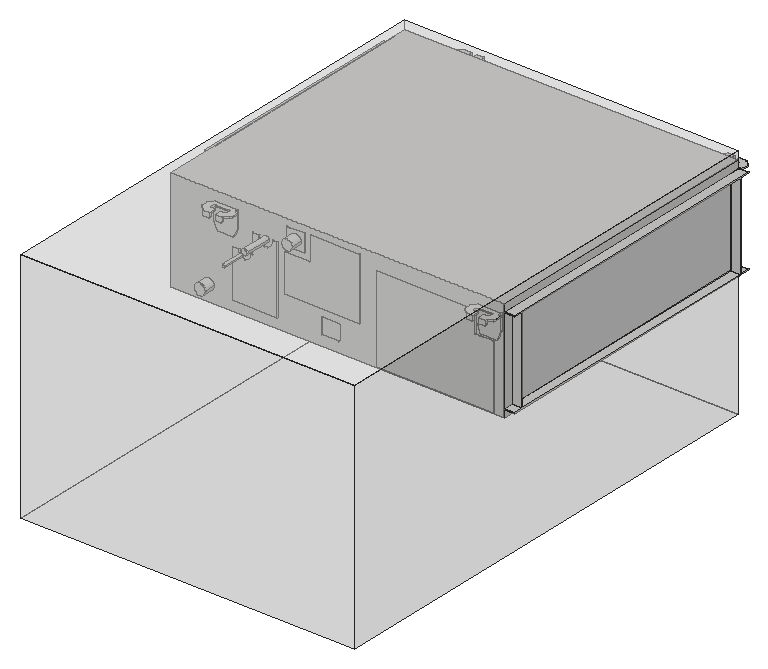
Revit family "outputfile", category 機械設備, Revit 2024
Family settings
  丸型コネクタ寸法 = 半径を使用
  パーツ タイプ = 標準
  OmniClass 番号 = 23.75.10.24.21.27.27
  OmniClass タイトル = Split System Air Conditioning Units
  作業面ベース = いいえ
  常に垂直 = はい
  ロード時にボイドで切り取り = いいえ
  注釈の向きを維持 = いいえ
  共有 = いいえ
  部屋計算ポイント = はい
Parameters (values of type "FXSA40AVM")
  製造元 = "Daikin"
  書き出し IFC クラス(タイプ) = "IfcUnitaryEquipmentType"
  定義済み IFC タイプ(タイプ) = "AIRCONDITIONINGUNIT"
  モデル = "FXSA40AVM"
  switch_frequency = yes
  r_Liquid Pipe Size = Liquid Pipe Size / 2  # 3.2 mm
  r_Gas Pipe Size = Gas Pipe Size / 2  # 6.35 mm
  r_Drain Pipe Size = Drain Pipe Size / 2  # 12.5 mm
  lw_power = 770.0 mm
  lh_SA = 138.0 mm
  lw_SA = if(Width = 550.0 mm, 225.0 mm, if(Width = 700.0 mm, 300.0 mm, if(Width = 1000.0 mm, 450.0 mm, if(Width = 1400.0 mm, 650.0 mm, 725.0 mm))))  # 300.0 mm
  lw_RA = if(Width = 550.0 mm, 275.0 mm, if(Width = 700.0 mm, 349.0 mm, if(Width = 1000.0 mm, 499.0 mm, if(Width = 1400.0 mm, 699.0 mm, 775.0 mm))))  # 349.0 mm
  lh_power = 60.0 mm + [h***]  # 60.0 mm
  lh_mountinghole1 = lh_mountinghole + [h***]  # 222.0 mm
  lh_RA = 123.0 mm
  ld_power = Width / 2  # 350.0 mm
  connector_voltage = Voltage_50Hz  # 220 V
  connector_powerinput = [Power Input (Cooling)]  # 0.101 kW
  connector_phase = Phase_50Hz  # 1
  Voltage_comment_60Hz = "220-230"
  Voltage_comment_50Hz = "220-240"
  Voltage_60Hz = 220 V
  Voltage_50Hz = 220 V
  Total Heating Capacity [instance] = 0.000 kW
  Supply Air Direction [instance] = yes
  Sound Power Level_H speed (dB) = 64
  Power Input (Heating) = 0.096 kW
  Phase_60Hz = 1
  Phase_50Hz = 1
  Nominal Heating Capacity = 5.000 kW
  Minimum External Static Pressure = 30.00 Pa
  Minimum Circuit Amps_60Hz = 1.5 A
  Minimum Circuit Amps_50Hz = 1.5 A
  Maximum Fuse Amps_60Hz = 16.0 A
  Maximum Fuse Amps_50Hz = 16.0 A
  Maximum External Static Pressure = 150.00 Pa
  Material_Casing = DAIKIN_GalvanizedSteel_Casing_indoorunit
  lw_mountinghole = 630.0 mm
  lh_gaspipe = 183.0 mm + [h***]  # 183.0 mm
  lh_mountinghole = 222.0 mm
  lh_liquidpipe = 136.0 mm + [h***]  # 136.0 mm
  lh_drainpipe = 207.0 mm + [h***]  # 207.0 mm
  lh_antena = Height - lh_mountinghole + 1.0 mm  # 24.0 mm
  ld_drainpipe = Width / 2 + 26.0 mm  # 376.0 mm
  ld_liquidpipe = 414.0 mm
  ld_gaspipe = Width / 2 + 65.0 mm  # 415.0 mm
  ld_mountinghole = Width + 38.0 mm  # 738.0 mm
  h*** = 0.0 mm
  lw_liquidpipe = 179.0 mm
  lw_gaspipe = 229.0 mm
  lw_drainpipe = 300.0 mm
  Width = 700.0 mm
  Version = "ver.1.0"
  Unit Type = "Duct_M.S.P."
  Unit Mass Weight = 27.00 kg
  Unit Designation [instance] = ""
  Uniclass2015Version = "Products v1.30"
  Uniclass2015Title = "Variable refrigerant flow units"
  Uniclass2015Code = "Pr_70_65_03_94"
  Total Cooling Capacity [instance] = 0.000 kW
  Sound Pressure Level_M speed (dBA) = 33
  Sound Pressure Level_L speed (dBA) = 30
  Sound Pressure Level_H speed (dBA) = 36
  Series = "VRV Fan Coil Unit"
  Sensible Cooling Capacity [instance] = 0.000 kW
  SA Duct Size Width = 492.0 mm
  SA Duct Size Height = 176.0 mm
  Refrigerant Type = "R32"
  RA Duct Size Width = 654.0 mm
  RA Duct Size Height = 208.0 mm
  Power Input (Cooling) = 0.101 kW
  Option Accessory 3 [instance] = ""
  Option Accessory 2 [instance] = ""
  Option Accessory 1 [instance] = ""
  Nominal Cooling Capacity = 4.500 kW
  Minimum Airflow = 630.00 m³/h
  Median Airflow = 750.00 m³/h
  Maximum Airflow = 900.00 m³/h
  Load Classification = HVAC
  Liquid Pipe Size = 6.4 mm
  Link_Nested Family [instance] = ""
  IfcVersion = ""
  IfcExportType = "AIRCONDITIONINGUNIT"
  IfcExportAs = "IfcUnitaryEquipmentType"
  Height = 245.0 mm
  Heating Entering Wet Bulb Temperature [instance] = -273.15 °C
  Heating Entering Dry Bulb Temperature [instance] = -273.15 °C
  Heating Ambient Wet Bulb Temperature [instance] = -273.15 °C
  Heating Ambient Dry Bulb Temperature [instance] = -273.15 °C
  Heat Exchanger Type = "Cross Fin Coil"
  Gas Pipe Size = 12.7 mm
  Frequency_60Hz = 60 Hz
  Frequency_50Hz = 50 Hz
  Fan Type = "Sirocco Fan"
  Fan Drive = "Direct Drive"
  FCU Tag No. [instance] = ""
  Drain Pipe Size = 25.0 mm
  Design Supply Airflow [instance] = 0.00 m³/h
  Design Return Airflow [instance] = 0.00 m³/h
  Design External Static Pressure [instance] = 0.00 Pa
  Depth = 800.0 mm
  既定の高さ = 0.0 mm
  Cooling Entering Wet Bulb Temperature [instance] = 0.00 °C
  Cooling Entering Dry Bulb Temperature [instance] = 0.00 °C
  Cooling Ambient Wet Bulb Temperature [instance] = 0.00 °C
  Cooling Ambient Dry Bulb Temperature [instance] = 0.00 °C
  Clearance visibility [instance] = yes
  Clearance Top = 20.0 mm
  Clearance Right = 0.0 mm
  Clearance Rear = 0.0 mm
  Clearance Left = 0.0 mm
  Clearance Front = 450.0 mm
  Clearance Bottom = 300.0 mm
Reference planes
  plane 1 "Center (Front/Back)": y = 0
  plane 2 "h": z = 0
  plane 3 "Center (Left/Right)": x = 0
  plane 4 "Back": y = 350
  plane 5 "Front": y = -350
  plane 6 "Left": x = -400
  plane 7 "Right": x = 400
  plane 8 "Top": z = 0
  plane 9 "Bottom": z = -245
  plane 10: y = -215
  plane 11: y = 350
  plane 12: y = -800
  plane 13: x = -400
  plane 14: x = 400
  plane 15: z = 20
  plane 16: z = -545
  plane 17: x = -400
  plane 18: x = -399
  plane 19: x = 399
  plane 20: y = 50
  plane 21: y = -1
  plane 22: z = -122
  plane 23: y = -351
  plane 24: z = -109
  plane 25: x = -221
  plane 26: y = -415
  plane 27: z = -62
  plane 28: x = -171
  plane 29: y = -376
  plane 30: z = -38
  plane 31: x = -100
  plane 32: x = -100
  plane 33: x = -221
  plane 34: x = -171
  plane 35: x = 370
  plane 36: x = -266
  plane 37: x = 364
  plane 38: y = -369
  plane 39: y = 369
  plane 40: z = -23
  plane 41: z = -107
  plane 42: y = -414
  plane 43: z = -207
  plane 44: x = -309
  plane 45: y = -376
  plane 46: x = -251
  plane 47: x = -203
  plane 48: x = -144
  plane 49: z = -59
  plane 50: z = -106
  plane 51: z = -221
  plane 52: z = -109
  plane 53: x = -221
  plane 54: z = -62
  plane 55: x = -171
  plane 56: z = -17
  plane 57: z = -59
  plane 58: x = -121
  plane 59: x = -79
  plane 60: x = -125
  plane 61: x = -64
  plane 62: x = 53
  plane 63: z = -164
  plane 64: z = -73
  plane 65: z = -16
  plane 66: x = 93.5
  plane 67: x = 374.5
  plane 68: x = 330
  plane 69: z = -88.5
  plane 70: z = -38
  plane 71: z = -242.5
  plane 72: x = -38.5
  plane 73: x = 6.5
  plane 74: z = -181
  plane 75: z = -221
  plane 76: y = -349
  plane 77: x = -424
  plane 78: x = 424
Forms (mm)
  Extrusion 1, solid, material "DAIKIN_GalvanizedSteel_Casing_indoorunit" <- "Material_Casing"
    sketch origin (0, 0, 0) x (1, 0, 0) y (0, 1, 0)
      loop
        line (-399, 350) -> (-399, -350) -> (399, -350) -> (399, 350) -> (-399, 350)
    from -245 to 0
  Extrusion 2, solid, material "DAIKIN_GalvanizedSteel_Casing_indoorunit" <- "Material_Casing"
    sketch origin (0, 0, 0) x (1, 0, 0) y (0, 0, 1)
      loop
        line (-251, -221) -> (-144, -221) -> (-144, -59) -> (-154.47, -59)
        arc (-154.47, -59) -> (-171, -78.8) -> (-187.53, -59) r 16.8
        line (-187.53, -59) -> (-203, -59) -> (-203, -106) -> (-206.916, -106)
        arc (-206.916, -106) -> (-221, -123.4) -> (-235.084, -106) r 14.4
        line (-235.084, -106) -> (-251, -106) -> (-251, -221)
    from 350 to 351
  Extrusion 3, solid, material "DAIKIN_GalvanizedSteel_Casing_indoorunit" <- "Material_Casing"
    sketch origin (0, 0, 0) x (1, 0, 0) y (0, 0, 1)
      loop
        line (-121, -17) -> (-121, -59) -> (-79, -59) -> (-79, -17) -> (-121, -17)
      loop
        line (-125, -73) -> (-125, -164) -> (53, -164) -> (53, -16) -> (-64, -16) -> (-64, -73) -> (-125, -73)
    from 350 to 351
  Extrusion 4, solid, material "DAIKIN_GalvanizedSteel_Casing_indoorunit" <- "Material_Casing"
    sketch origin (0, 0, 0) x (1, 0, 0) y (0, 0, 1)
      loop
        line (93.5, -38) -> (93.5, -242.5) -> (374.5, -242.5) -> (374.5, -88.5) -> (330, -88.5) -> (330, -38) -> (93.5, -38)
    from 350 to 351
  Extrusion 5, solid, material "DAIKIN_GalvanizedSteel_Casing_indoorunit" <- "Material_Casing"
    sketch origin (0, 0, 0) x (1, 0, 0) y (0, 0, 1)
      loop
        circle (-221, -109) r 3.2
    from 350 to 414
  Extrusion 6, solid, material "DAIKIN_GalvanizedSteel_Casing_indoorunit" <- "Material_Casing"
    sketch origin (0, 0, 0) x (1, 0, 0) y (0, 0, 1)
      loop
        circle (-171, -62) r 6.35
    from 350 to 415
  Extrusion 7, solid, material "DAIKIN_GalvanizedSteel_Casing_indoorunit" <- "Material_Casing"
    sketch origin (0, 0, 0) x (1, 0, 0) y (0, 0, 1)
      loop
        circle (-100, -38) r 12.5
    from 351 to 376
  Extrusion 8, solid, material "DAIKIN_GalvanizedSteel_Casing_indoorunit" <- "Material_Casing"
    sketch origin (0, 0, 0) x (1, 0, 0) y (0, 0, 1)
      loop
        circle (-309, -207) r 13
    from 350 to 376
  Extrusion 9, void
    sketch origin (0, 0, 0) x (1, 0, 0) y (0, 0, 1)
      loop
        line (-38.5, -181) -> (-38.5, -221) -> (6.5, -221) -> (6.5, -181) -> (-38.5, -181)
    from 349 to 350
Cuts and joins
  Extrusion 9 cuts Extrusion 1
Dimensions and locks
  "Height": plane 8 "Top" to plane 9 "Bottom"
  equal spacing: plane 4 "Back", plane 1 "Center (Front/Back)", plane 5 "Front"
  "Width": plane 4 "Back" to plane 5 "Front"
  equal spacing: plane 6 "Left", plane 3 "Center (Left/Right)", plane 7 "Right"
  "Depth": plane 6 "Left" to plane 7 "Right"
  "Clearance Left": plane 13 to plane 6 "Left"
  "Clearance Right": plane 7 "Right" to plane 14
  "Clearance Rear": plane 11 to plane 4 "Back"
  "Clearance Front": plane 5 "Front" to plane 12
  "Clearance Top": plane 15 to plane 8 "Top"
  "Clearance Bottom": plane 9 "Bottom" to plane 16
  locked: plane 17 to plane 18 at 1
  locked: plane 19 to plane 14 at 1
  "lw_SA": plane 11 to plane 20
  "lw_RA": plane 21 to plane 5 "Front"
  "lh_RA": plane 22 to plane 9 "Bottom"
  locked: plane 5 "Front" to plane 23 at 1
  "lw_liquidpipe": plane 25 to plane 6 "Left"
  "lh_liquidpipe": plane 24 to plane 9 "Bottom"
  "lh_gaspipe": plane 27 to plane 9 "Bottom"
  "lw_gaspipe": plane 28 to plane 6 "Left"
  "ld_gaspipe": plane 26 to plane 1 "Center (Front/Back)"
  "ld_drainpipe": plane 29 to plane 1 "Center (Front/Back)"
  "lh_drainpipe": plane 30 to plane 9 "Bottom"
  "lw_drainpipe": plane 31 to plane 6 "Left"
  "lw_drainpipe": plane 6 "Left" to plane 32
  "lw_liquidpipe": plane 6 "Left" to plane 33
  "lw_gaspipe": plane 6 "Left" to plane 34
  "lw_power": plane 6 "Left" to plane 35
  locked: plane 17 to plane 36 at 134
  "lw_mountinghole": plane 36 to plane 37
  equal spacing: plane 38, plane 1 "Center (Front/Back)", plane 39
  "ld_mountinghole": plane 39 to plane 38
  "lh_mountinghole": plane 40 to plane 9 "Bottom"
  "lh_SA": plane 41 to plane 9 "Bottom"
  locked: plane 44 to plane 6 "Left" at 91
  locked: plane 43 to plane 9 "Bottom" at 38
  plane 48 to plane 47 to plane 46 to plane 6 "Left" = 59.0 mm, 48.0 mm, 149.0 mm
  plane 8 "Top" to plane 49 to plane 50 to plane 51 = 59.0 mm locked, 47.0 mm locked, 115.0 mm locked
  plane 55 to plane 53 to plane 6 "Left" = 50.0 mm locked, 179.0 mm locked
  plane 54 to plane 52 to plane 9 "Bottom" = 47.0 mm locked, 136.0 mm locked
  plane 59 to plane 58 to plane 6 "Left" = 42.0 mm locked, 279.0 mm locked
  plane 8 "Top" to plane 56 to plane 57 = 17.0 mm locked, 42.0 mm locked
  plane 62 to plane 61 to plane 60 to plane 6 "Left" = 117.0 mm, 61.0 mm, 275.0 mm
  plane 8 "Top" to plane 65 to plane 64 = 16.0 mm locked, 57.0 mm locked
  locked: plane 65 to plane 63 at 148
  plane 8 "Top" to plane 70 to plane 69 to plane 71 = 38.0 mm locked, 50.5 mm locked, 154.0 mm locked
  plane 67 to plane 68 to plane 66 to plane 6 "Left" = 44.5 mm locked, 236.5 mm locked, 493.5 mm locked
  plane 8 "Top" to plane 74 to plane 75 = 181.0 mm locked, 40.0 mm locked
  plane 73 to plane 72 to plane 6 "Left" = 45.0 mm, 361.5 mm
  locked: plane 76 to plane 5 "Front" at 1
  locked: plane 77 to plane 17 at 24
  locked: plane 14 to plane 78 at 24
  "ld_liquidpipe": plane 42 to plane 1 "Center (Front/Back)"
  "r_Liquid Pipe Size": radius of Extrusion 5 sketch curve
  "r_Gas Pipe Size": radius of Extrusion 6 sketch curve
  "r_Drain Pipe Size": radius of Extrusion 7 sketch curve
  aligned and locked: level to plane 2 "h"
  aligned and locked: plane 8 "Top" to Extrusion 1
  aligned and locked: Extrusion 1 to plane 9 "Bottom"
  aligned and locked: nested 5 to plane 12
  aligned and locked: plane 13 to nested 5
  aligned and locked: plane 14 to nested 5
  aligned and locked: nested 5 to plane 13
  aligned and locked: plane 11 to nested 5
  aligned and locked: plane 15 to nested 5
  aligned and locked: plane 16 to nested 5
  aligned and locked: plane 5 "Front" to Extrusion 1 sketch curve
  aligned and locked: Extrusion 1 to plane 18
  aligned and locked: plane 19 to Extrusion 1
  aligned and locked: nested 7 to plane 18
  aligned and locked: nested 7 to plane 20
  aligned and locked: plane 19 to nested 8
  aligned and locked: plane 21 to nested 8
  aligned and locked: plane 22 to nested 8
  aligned and locked: Extrusion 2 to plane 23
  aligned and locked: plane 5 "Front" to Extrusion 2
  aligned and locked: Extrusion 3 to plane 23
  aligned and locked: plane 5 "Front" to Extrusion 3
  aligned and locked: plane 5 "Front" to Extrusion 4
  aligned and locked: Extrusion 5 sketch curve to plane 25
  aligned and locked: plane 24 to Extrusion 5 sketch curve
  aligned and locked: plane 5 "Front" to Extrusion 5
  aligned and locked: Extrusion 6 sketch curve to plane 28
  aligned and locked: plane 27 to Extrusion 6 sketch curve
  aligned and locked: plane 5 "Front" to Extrusion 6
  aligned and locked: Extrusion 7 sketch curve to plane 31
  aligned and locked: Extrusion 7 sketch curve to plane 30
  aligned and locked: Extrusion 7 to plane 29
  aligned and locked: plane 23 to Extrusion 7
  aligned and locked: nested 3 to plane 29
  aligned and locked: plane 32 to nested 3
  aligned and locked: nested 2 to plane 33
  aligned and locked: nested 1 to plane 34
  aligned and locked: Extrusion 6 to plane 26
  aligned and locked: nested 1 to plane 26
  aligned and locked: nested 6 to plane 5 "Front"
  aligned and locked: nested 6 to plane 35
  aligned and locked: plane 36 to nested 10
  aligned and locked: nested 10 to plane 5 "Front"
  aligned and locked: plane 37 to nested 9
  aligned and locked: nested 9 to plane 5 "Front"
  aligned and locked: nested 11 to plane 36
  aligned and locked: plane 4 "Back" to nested 11
  aligned and locked: nested 12 to plane 37
  aligned and locked: plane 4 "Back" to nested 12
  aligned and locked: plane 40 to nested 10
  aligned and locked: plane 40 to nested 11
  aligned and locked: plane 40 to nested 9
  aligned and locked: plane 40 to nested 12
  aligned and locked: plane 36 to nested 14
  aligned and locked: nested 14 to plane 39
  aligned and locked: plane 37 to nested 13
  aligned and locked: nested 13 to plane 39
  aligned and locked: plane 37 to nested 16
  aligned and locked: plane 38 to nested 16
  aligned and locked: plane 38 to nested 15
  aligned and locked: plane 36 to nested 15
  aligned and locked: plane 17 to plane 6 "Left"
  aligned and locked: plane 41 to nested 7
  aligned and locked: Extrusion 5 to plane 42
  aligned and locked: nested 2 to plane 42
  aligned and locked: Extrusion 8 sketch curve to plane 44
  aligned and locked: plane 43 to Extrusion 8 sketch curve
  aligned and locked: plane 5 "Front" to Extrusion 8
  aligned and locked: Extrusion 3 sketch curve to plane 56
  aligned and locked: Extrusion 3 sketch curve to plane 58
  aligned and locked: plane 57 to Extrusion 3 sketch curve
  aligned and locked: plane 59 to Extrusion 3 sketch curve
  aligned and locked: Extrusion 4 to plane 23
  aligned and locked: Extrusion 9 sketch curve to plane 74
  aligned and locked: plane 75 to Extrusion 9 sketch curve
  aligned and locked: plane 73 to Extrusion 9 sketch curve
  aligned and locked: plane 5 "Front" to Extrusion 9
  aligned and locked: plane 76 to Extrusion 9
  aligned and locked: nested 17 to plane 20
  aligned and locked: nested 17 to plane 77
  aligned and locked: plane 21 to nested 18
  aligned and locked: plane 78 to nested 18
  aligned and locked: plane 41 to nested 17
  aligned and locked: nested 18 to plane 22
  aligned and locked: nested 4 to plane 3 "Center (Left/Right)"
  aligned and locked: plane 1 "Center (Front/Back)" to nested 4
  aligned and locked: level to plane 8 "Top"
  aligned and locked: Extrusion 8 to plane 29
Automatic sketch dimensions
  plane 6 "Left" to Extrusion 1 sketch curve = 1.0 mm
  Extrusion 1 sketch curve to plane 7 "Right" = 1.0 mm
  Extrusion 1 sketch curve to plane 4 "Back" = 0.0 mm
  Extrusion 2 sketch curve to plane 46 = 0.0 mm
  Extrusion 2 sketch curve to plane 33 = 0.0 mm
  Extrusion 2 sketch curve to plane 47 = 0.0 mm
  Extrusion 2 sketch curve to plane 34 = 0.0 mm
  Extrusion 2 sketch curve to plane 48 = 0.0 mm
  Extrusion 2 sketch curve to plane 51 = 0.0 mm
  Extrusion 2 sketch curve to plane 52 = 0.0 mm
  Extrusion 2 sketch curve to plane 50 = 0.0 mm  (x3)
  Extrusion 2 sketch curve to plane 54 = 0.0 mm
  Extrusion 2 sketch curve to plane 49 = 0.0 mm  (x3)
  plane 33 to Extrusion 2 sketch curve = 14.084 mm
  plane 34 to Extrusion 2 sketch curve = 16.53 mm
  Extrusion 3 sketch curve to plane 60 = 0.0 mm
  Extrusion 3 sketch curve to plane 61 = 0.0 mm
  Extrusion 3 sketch curve to plane 62 = 0.0 mm
  Extrusion 3 sketch curve to plane 63 = 0.0 mm
  Extrusion 3 sketch curve to plane 64 = 0.0 mm
  Extrusion 3 sketch curve to plane 65 = 0.0 mm
  Extrusion 4 sketch curve to plane 66 = 0.0 mm
  Extrusion 4 sketch curve to plane 68 = 0.0 mm
  Extrusion 4 sketch curve to plane 67 = 0.0 mm
  Extrusion 4 sketch curve to plane 71 = 0.0 mm
  Extrusion 4 sketch curve to plane 69 = 0.0 mm
  Extrusion 4 sketch curve to plane 70 = 0.0 mm
  Extrusion 9 sketch curve to plane 72 = 0.0 mm
  radius of Extrusion 8 sketch curve = 13.0 mm
Nested families
  nested 1: "daikin_connector_rotate2" at (-171, 0, -62), length <- "ld_gaspipe", built-in parameter 1001364 <- "lh_gaspipe", radius <- "r_Gas Pipe Size", type "daikin_connector_rotate2"
    with radius 6.35 mm, length 415.0 mm, angle_vertical 90.00°
  nested 2: "daikin_connector_rotate2" at (-221, 0, -109), length <- "ld_liquidpipe", built-in parameter 1001364 <- "lh_liquidpipe", radius <- "r_Liquid Pipe Size", type "daikin_connector_rotate2"
    with radius 3.2 mm, length 414.0 mm, angle_vertical 90.00°
  nested 3: "daikin_connector_rotate2" at (-100, 0, -38), length <- "ld_drainpipe", built-in parameter 1001364 <- "lh_drainpipe", radius <- "r_Drain Pipe Size", type "daikin_connector_rotate2"
    with radius 12.5 mm, length 376.0 mm, angle_vertical 90.00°
  nested 4: "daikin_△_symbolicline" at (0, 0, 245) x (0, -1, 0) z (0, 0, 1), built-in parameter 1001364 <- "Height", visible <- "Supply Air Direction", type "daikin_△_symbolicline"
    with length 200.0 mm
  nested 5: "daikin_clearancespace" at (0, -225, -262.381), visible <- "Clearance visibility", show <- "Clearance visibility", Link_Nested Family <- "Link_Nested Family", type "daikin_clearancespace"
    with width 800.0 mm, show yes, height 565.0 mm, depth 1150.0 mm, Link_Nested Family ""
  nested 6: "daikin_connector_rotate2" at (370, 0, -185), built-in parameter 1001364 <- "lh_power", length <- "ld_power", type "daikin_connector_rotate2"
    with radius 10.0 mm, length 350.0 mm, angle_vertical 90.00°
  nested 7: "daikin_ductflange_FXSA-AVM2" at (-399, 50, -107) x (0, -1, 0) z (0, 0, 1), type "daikin_ductflange_FXSA-AVM2"
  nested 8: "daikin_ductflange_FXSA-AVM" at (399, -1, -122) x (0, 1, 0) z (0, 0, 1), type "daikin_ductflange_FXSA-AVM"
  nested 9: "FXFSA-AVM" at (364, -350, -23), type "daikin_hangerfixture_FXFSA-AVM"
  nested 10: "FXFSA-AVM" at (-266, -350, -23), type "daikin_hangerfixture_FXFSA-AVM"
  nested 11: "FXFSA-AVM" at (-266, 350, -23) x (-1, 0, 0) z (0, 0, 1), type "daikin_hangerfixture_FXFSA-AVM"
  nested 12: "FXFSA-AVM" at (364, 350, -23) x (-1, 0, 0) z (0, 0, 1), type "daikin_hangerfixture_FXFSA-AVM"
  nested 13: "daikin_mountinghole" at (364, 369, -245), h_mountinghole <- "lh_mountinghole1", l_antenna <- "lh_antena", Link_Nested Family <- "Link_Nested Family", type "daikin_mountinghole"
    with show yes, l_antenna 24.0 mm, h_mountinghole 222.0 mm, Link_Nested Family ""
  nested 14: "daikin_mountinghole" at (-266, 369, -245), h_mountinghole <- "lh_mountinghole1", l_antenna <- "lh_antena", Link_Nested Family <- "Link_Nested Family", type "daikin_mountinghole"
    with show yes, l_antenna 24.0 mm, h_mountinghole 222.0 mm, Link_Nested Family ""
  nested 15: "daikin_mountinghole" at (-266, -369, -245), h_mountinghole <- "lh_mountinghole1", l_antenna <- "lh_antena", Link_Nested Family <- "Link_Nested Family", type "daikin_mountinghole"
    with show yes, l_antenna 24.0 mm, h_mountinghole 222.0 mm, Link_Nested Family ""
  nested 16: "daikin_mountinghole" at (364, -369, -245), h_mountinghole <- "lh_mountinghole1", l_antenna <- "lh_antena", Link_Nested Family <- "Link_Nested Family", type "daikin_mountinghole"
    with show yes, l_antenna 24.0 mm, h_mountinghole 222.0 mm, Link_Nested Family ""
  nested 17: "daikin_connector_rotate2" at (-400, 50, -107) x (0, -1, 0) z (0, 0, 1), type "daikin_connector_rotate2"
    with radius 10.0 mm, length 24.0 mm, angle_vertical 90.00°
  nested 18: "daikin_connector_rotate2" at (400, -1, -122) x (0, 1, 0) z (0, 0, 1), type "daikin_connector_rotate2"
    with radius 10.0 mm, length 24.0 mm, angle_vertical 90.00°
Connectors
  piping at (-100, -376, -38), diameter 25, driven by "r_Drain Pipe Size"
    settings: on nested 3, index 3, connector inside diameter 609.6 mm, connector length 0.0 mm, flow factor 0, pipe flow 0.00 m³/h, pressure drop 0.0 Pa, fitting loss kfactor 0, connector angle 0.00°, fixture units 0, engagement length 0.0 mm, angle of deflection 0.00°, flow configuration 1, flow direction 2, fitting loss method 4, system type 16, joint type 0, gender type 0, connector reference index -1, connector utility 0, adjustable connector no, is connector primary yes, connector description "Condensate Drain Piping"
  piping at (-171, -415, -62), diameter 12.7, driven by "r_Gas Pipe Size"
    settings: on nested 1, index 4, connector inside diameter 609.6 mm, connector length 0.0 mm, flow factor 0, pipe flow 0.00 m³/h, pressure drop 0.0 Pa, fitting loss kfactor 0, connector angle 0.00°, fixture units 0, engagement length 0.0 mm, angle of deflection 0.00°, flow configuration 1, flow direction 2, fitting loss method 0, system type 29, joint type 0, gender type 0, connector reference index -1, connector utility 0, adjustable connector no, is connector primary no, connector description "Refrigerant Gas Piping"
  piping at (-221, -414, -109), diameter 6.4, driven by "r_Liquid Pipe Size"
    settings: on nested 2, index 5, connector inside diameter 609.6 mm, connector length 0.0 mm, flow factor 0, pipe flow 0.00 m³/h, pressure drop 0.0 Pa, fitting loss kfactor 0, connector angle 0.00°, fixture units 0, engagement length 0.0 mm, angle of deflection 0.00°, flow configuration 1, flow direction 1, fitting loss method 0, system type 29, joint type 0, gender type 0, connector reference index -1, connector utility 0, adjustable connector no, is connector primary no, connector description "Refrigerant Liquid Piping"
  electrical at (370, -350, -185), driven by "Load Classification", driven by "connector_voltage", driven by "connector_phase", driven by "connector_powerinput"
    settings: on nested 6, index 6, voltage 220 V, apparent load 101 VA, apparent load phase1 0 VA, apparent load phase2 0 VA, apparent load phase3 0 VA, power factor 1, load classification "HVAC", number of poles 1, system type 30, power factor state 1, is connector primary yes, connector utility no, sub classification motor no, connector description "Power Supply"
  hvac at (-424, 50, -107), driven by "SA Duct Size Height", driven by "SA Duct Size Width"
    settings: on nested 17, index 7, duct flow 0.00 m³/h, flow factor 0, pres drop 0.00 Pa, loss coef 0, conn angle 0.00°, conn width 492.0 mm, conn height 176.0 mm, conn diameter 609.6 mm, duct sys type 1, conn prof type 1, flow config 0, flow direction 2, loss method 4, conn ref index -1, conn util no, is conn primary yes, conn desc "SA Duct"
  hvac at (424, -1, -122), driven by "RA Duct Size Height", driven by "RA Duct Size Width"
    settings: on nested 18, index 8, duct flow 0.00 m³/h, flow factor 0, pres drop 0.00 Pa, loss coef 0, conn angle 0.00°, conn width 654.0 mm, conn height 208.0 mm, conn diameter 609.6 mm, duct sys type 2, conn prof type 1, flow config 0, flow direction 1, loss method 4, conn ref index -1, conn util no, is conn primary no, conn desc "RA Duct"
Definition of nested family "daikin_clearancespace"
  Parameters (values of type "daikin_clearancespace")
    Description = "daikin_clearancespace"
    width [instance] = 1823.963 mm
    show [instance] = yes
    material = none
    height [instance] = 1359.762 mm
    depth [instance] = 880.0 mm
    Default Elevation = 0.0 mm
    Link_Nested Family [instance] = ""
  Reference planes
    plane 1 "Center (Front/Back)": y = 0
    plane 2 "Center (Elevation)": z = -0.119
    plane 3 "Center (Left/Right)": x = 0
    plane 4: y = 440
    plane 5: y = -440
    plane 6 "Right": x = 911.982
    plane 7 "Left": x = -911.982
    plane 8 "Top": z = 679.762
    plane 9 "Bottom": z = -680
  Forms (mm)
    Extrusion 1, solid, material <- "material", visible <- "show"
      sketch origin (0, 0, 0) x (1, 0, 0) y (0, 1, 0)
        loop
          line (-911.982, 440) -> (-911.982, -440) -> (911.982, -440) -> (911.982, 440) -> (-911.982, 440)
      from -680 to 679.762
  Lines and regions (mm)
    symbolic lines, visible <- "show"
      curve 1: line (911.982, 440, 0) -> (-911.982, 440, 0)
      curve 2: line (-911.982, 440, 0) -> (-911.982, -440, 0)
      curve 3: line (-911.982, -440, 0) -> (911.982, -440, 0)
      curve 4: line (911.982, -440, 0) -> (911.982, 440, 0)
      curve 5: line (911.982, 0, 679.762) -> (-911.982, 0, 679.762)
      curve 6: line (911.982, 0, -680) -> (911.982, 0, 679.762)
      curve 7: line (-911.982, 0, -680) -> (911.982, 0, -680)
      curve 8: line (-911.982, 0, 679.762) -> (-911.982, 0, -680)
      curve 9: line (0, 440, 679.762) -> (0, -440, 679.762)
      curve 10: line (0, -440, 679.762) -> (0, -440, -680)
      curve 11: line (0, 440, -680) -> (0, 440, 679.762)
      curve 12: line (0, -440, -680) -> (0, 440, -680)
  Dimensions and locks
    "width": plane 7 "Left" to plane 6 "Right"
    "depth": plane 4 to plane 5
    "height": plane 8 "Top" to plane 9 "Bottom"
    equal spacing: plane 7 "Left", plane 3 "Center (Left/Right)", plane 6 "Right"
    equal spacing: plane 4, plane 1 "Center (Front/Back)", plane 5
    equal spacing: plane 8 "Top", plane 2 "Center (Elevation)", plane 9 "Bottom"
    aligned and locked: level to plane 2 "Center (Elevation)"
    aligned and locked: Extrusion 1 sketch curve to plane 4
    aligned and locked: plane 7 "Left" to Extrusion 1 sketch curve
    aligned and locked: Extrusion 1 sketch curve to plane 5
    aligned and locked: Extrusion 1 sketch curve to plane 6 "Right"
    aligned and locked: plane 8 "Top" to Extrusion 1
    aligned and locked: curve 1 to Extrusion 1
    aligned and locked: curve 2 to Extrusion 1
    aligned and locked: curve 3 to Extrusion 1
    aligned and locked: curve 4 to Extrusion 1
    aligned and locked: curve 5 to Extrusion 1
    aligned and locked: curve 6 to Extrusion 1
    aligned and locked: curve 7 to Extrusion 1
    aligned and locked: curve 8 to Extrusion 1
    aligned and locked: curve 9 to Extrusion 1
    aligned and locked: curve 10 to Extrusion 1
    aligned and locked: curve 11 to Extrusion 1
    aligned and locked: curve 12 to Extrusion 1
    aligned and locked: Extrusion 1 to plane 9 "Bottom"
Definition of nested family "daikin_ductflange_FXSA-AVM2"
  Parameters (values of type "daikin_ductflange_FBA-BVMA2")
    width = if(w = 550.0 mm, 337.0 mm, if(w = 700.0 mm, 492.0 mm, if(w = 1000.0 mm, 792.0 mm, if(w = 1400.0 mm, 1192.0 mm, 1337.0 mm))))  # 492.0 mm
    w1 = if(w = 550.0 mm, 24.0 mm, if(w = 700.0 mm, 21.5 mm, if(w = 1000.0 mm, 21.5 mm, if(w = 1400.0 mm, 21.5 mm, 24.0 mm))))  # 21.5 mm
    material = none
    height = 215.0 mm
    depth = 1.0 mm
    w = 700.0 mm
    Default Elevation = 0.0 mm
  Reference planes
    plane 1 "Center (Front/Back)": y = 0
    plane 2: z = 0
    plane 3 "Center (Left/Right)": x = 0
    plane 4: z = 88
    plane 5: z = -88
    plane 6: y = -25
    plane 7: z = 106
    plane 8: z = 89
    plane 9: y = -1
    plane 10: x = -267.5
    plane 11: x = 267.5
    plane 12: z = -106
    plane 13: z = -89
    plane 14: y = -1
    plane 15: x = 246
    plane 16: x = -246
    plane 17: x = 247
    plane 18: z = 87
    plane 19: z = -87
    plane 20: x = -247
    plane 21: z = 87
    plane 22: z = -87
    plane 23: y = -1
  Forms (mm)
    Extrusion 1, solid, material <- "material"
      sketch origin (0, 0, 0) x (0, 1, 0) y (0, 0, 1)
        loop
          line (-25, 88) -> (0, 88) -> (0, 106) -> (-1, 106) -> (-1, 89) -> (-25, 89) -> (-25, 88)
      from -267.5 to 267.5
    Extrusion 2, solid, material <- "material"
      sketch origin (0, 0, 0) x (0, 1, 0) y (0, 0, 1)
        loop
          line (-25, -88) -> (-25, -89) -> (-1, -89) -> (-1, -106) -> (0, -106) -> (0, -88) -> (-25, -88)
      from -267.5 to 267.5
    Extrusion 3, solid, material <- "material"
      sketch origin (0, 0, 0) x (1, 0, 0) y (0, 0, 1)
        loop
          line (246, 88) -> (246, -88) -> (267.5, -88) -> (267.5, -87) -> (247, -87) -> (247, 87) -> (267.5, 87) -> (267.5, 88) -> (246, 88)
      from 0 to 25
    Extrusion 4, solid, material <- "material"
      sketch origin (0, 0, 0) x (1, 0, 0) y (0, 0, 1)
        loop
          line (-267.5, 88) -> (-267.5, 87) -> (-247, 87) -> (-247, -87) -> (-267.5, -87) -> (-267.5, -88) -> (-246, -88) -> (-246, 88) -> (-267.5, 88)
      from 0 to 25
    Extrusion 5, solid, material <- "material"
      sketch origin (0, 0, 0) x (1, 0, 0) y (0, 0, 1)
        loop
          line (-267.5, 88) -> (-267.5, -88) -> (-246, -88) -> (-246, 88) -> (-267.5, 88)
        loop
          line (267.5, 88) -> (246, 88) -> (246, -88) -> (267.5, -88) -> (267.5, 88)
      from 0 to 1
  Cuts and joins
    joined: Extrusion 1, Extrusion 2, Extrusion 3, Extrusion 4, Extrusion 5
  Dimensions and locks
    plane 4 to level to plane 5 = 88.0 mm, 88.0 mm
    locked: plane 6 to plane 1 "Center (Front/Back)" at 25
    locked: plane 9 to plane 1 "Center (Front/Back)" at 1
    locked: plane 8 to plane 4 at 1
    "w1": plane 16 to plane 10
    locked: plane 17 to plane 15 at 1
    locked: plane 4 to plane 18 at 1
    locked: plane 19 to plane 5 at 1
    "width": plane 15 to plane 16
    plane 4 to plane 5 = 176.0 mm
    locked: plane 16 to plane 20 at 1
    locked: plane 4 to plane 21 at 1
    locked: plane 22 to plane 5 at 1
    locked: plane 23 to plane 1 "Center (Front/Back)" at 1
    plane 4 to level to plane 5 = 88.0 mm locked, 88.0 mm locked
    locked: plane 5 to plane 13 at 1
    locked: plane 5 to plane 12 at 18
    locked: plane 7 to plane 4 at 18
    equal spacing: plane 15, plane 3 "Center (Left/Right)", plane 16
    "w1": plane 11 to plane 15
    plane 11 to plane 10 = 535.0 mm
    aligned and locked: level to plane 2
    aligned and locked: Extrusion 1 to plane 10
    aligned and locked: plane 11 to Extrusion 1
    aligned and locked: plane 5 to Extrusion 2
    aligned and locked: Extrusion 2 to plane 1 "Center (Front/Back)"
    aligned and locked: plane 15 to Extrusion 3 sketch curve
    aligned and locked: Extrusion 3 sketch curve to Extrusion 2  (x2)
    aligned and locked: Extrusion 3 sketch curve to plane 11
    aligned and locked: plane 6 to Extrusion 3
    aligned and locked: Extrusion 2 to plane 10
    aligned and locked: plane 11 to Extrusion 2
    aligned and locked: Extrusion 4 sketch curve to Extrusion 1  (x2)
    aligned and locked: plane 5 to Extrusion 4 sketch curve
    aligned and locked: Extrusion 4 sketch curve to plane 16
    aligned and locked: Extrusion 4 sketch curve to plane 22
    aligned and locked: plane 20 to Extrusion 4 sketch curve
    aligned and locked: plane 21 to Extrusion 4 sketch curve
    aligned and locked: Extrusion 4 to plane 1 "Center (Front/Back)"
    aligned and locked: plane 6 to Extrusion 4
    aligned and locked: Extrusion 5 sketch curve to Extrusion 1  (x4)
    aligned and locked: Extrusion 5 sketch curve to Extrusion 4  (x2)
    aligned and locked: Extrusion 5 sketch curve to Extrusion 3  (x2)
    aligned and locked: Extrusion 5 to plane 1 "Center (Front/Back)"
    aligned and locked: plane 23 to Extrusion 5
  Automatic sketch dimensions
    Extrusion 1 sketch curve to plane 6 = 0.0 mm
    Extrusion 1 sketch curve to plane 7 = 0.0 mm
    Extrusion 1 sketch curve to plane 9 = 0.0 mm
    Extrusion 1 sketch curve to plane 1 "Center (Front/Back)" = 0.0 mm
    Extrusion 1 sketch curve to plane 4 = 0.0 mm
    Extrusion 1 sketch curve to plane 8 = 0.0 mm
    Extrusion 2 sketch curve to plane 6 = 0.0 mm
    plane 12 to Extrusion 2 sketch curve = 0.0 mm
    Extrusion 2 sketch curve to plane 14 = 0.0 mm
    Extrusion 2 sketch curve to plane 1 "Center (Front/Back)" = 0.0 mm
    plane 13 to Extrusion 2 sketch curve = 0.0 mm
    Extrusion 2 sketch curve to plane 5 = 0.0 mm
    Extrusion 3 sketch curve to plane 17 = 0.0 mm
    Extrusion 3 sketch curve to plane 19 = 0.0 mm
    Extrusion 3 sketch curve to plane 18 = 0.0 mm
    Extrusion 3 sketch curve to plane 4 = 0.0 mm
    Extrusion 4 sketch curve to plane 10 = 0.0 mm
Definition of nested family "daikin_ductflange_FXSA-AVM"
  Parameters (values of type "daikin_ductflange_FBFC-DVMG")
    width = if(w = 550.0 mm, 502.0 mm, if(w = 700.0 mm, 654.0 mm, if(w = 1000.0 mm, 952.0 mm, if(w = 1400.0 mm, 1352.0 mm, 1502.0 mm))))  # 654.0 mm
    material = none
    lw = if(width = 654.0 mm, 23.0 mm, 25.0 mm)  # 23.0 mm
    height = 208.0 mm
    depth = 1.0 mm
    w = 700.0 mm
    Default Elevation = 0.0 mm
  Reference planes
    plane 1 "Center (Front/Back)": y = 0
    plane 2: z = 0
    plane 3 "Center (Left/Right)": x = 0
    plane 4: z = 104
    plane 5: z = -104
    plane 6: y = -25
    plane 7: z = 121
    plane 8: z = 105
    plane 9: y = -1
    plane 10: x = -350
    plane 11: x = 350
    plane 12: z = -122
    plane 13: z = -105
    plane 14: y = -1
    plane 15: x = 327
    plane 16: x = -327
    plane 17: x = 328
    plane 18: z = 103
    plane 19: z = -103
    plane 20: x = -328
    plane 21: z = 103
    plane 22: z = -103
    plane 23: y = -1
  Forms (mm)
    Extrusion 1, solid, material <- "material"
      sketch origin (0, 0, 0) x (0, 1, 0) y (0, 0, 1)
        loop
          line (-25, 104) -> (0, 104) -> (0, 121) -> (-1, 121) -> (-1, 105) -> (-25, 105) -> (-25, 104)
      from -350 to 350
    Extrusion 2, solid, material <- "material"
      sketch origin (0, 0, 0) x (0, 1, 0) y (0, 0, 1)
        loop
          line (-25, -104) -> (-25, -105) -> (-1, -105) -> (-1, -122) -> (0, -122) -> (0, -104) -> (-25, -104)
      from -350 to 350
    Extrusion 3, solid, material <- "material"
      sketch origin (0, 0, 0) x (1, 0, 0) y (0, 0, 1)
        loop
          line (327, 104) -> (327, -104) -> (350, -104) -> (350, -103) -> (328, -103) -> (328, 103) -> (350, 103) -> (350, 104) -> (327, 104)
      from 0 to 25
    Extrusion 4, solid, material <- "material"
      sketch origin (0, 0, 0) x (1, 0, 0) y (0, 0, 1)
        loop
          line (-350, 104) -> (-350, 103) -> (-328, 103) -> (-328, -103) -> (-350, -103) -> (-350, -104) -> (-327, -104) -> (-327, 104) -> (-350, 104)
      from 0 to 25
    Extrusion 5, solid, material <- "material"
      sketch origin (0, 0, 0) x (1, 0, 0) y (0, 0, 1)
        loop
          line (-350, 104) -> (-350, -104) -> (-327, -104) -> (-327, 104) -> (-350, 104)
        loop
          line (350, 104) -> (327, 104) -> (327, -104) -> (350, -104) -> (350, 104)
      from 0 to 1
  Cuts and joins
    joined: Extrusion 1, Extrusion 2, Extrusion 3, Extrusion 4, Extrusion 5
  Dimensions and locks
    plane 4 to level to plane 5 = 104.0 mm, 104.0 mm
    locked: plane 6 to plane 1 "Center (Front/Back)" at 25
    locked: plane 9 to plane 1 "Center (Front/Back)" at 1
    locked: plane 8 to plane 4 at 1
    "lw": plane 11 to plane 15
    "lw": plane 16 to plane 10
    locked: plane 17 to plane 15 at 1
    locked: plane 4 to plane 18 at 1
    locked: plane 19 to plane 5 at 1
    "width": plane 15 to plane 16
    equal spacing: plane 15, plane 3 "Center (Left/Right)", plane 16
    locked: plane 16 to plane 20 at 1
    locked: plane 4 to plane 21 at 1
    locked: plane 22 to plane 5 at 1
    locked: plane 23 to plane 1 "Center (Front/Back)" at 1
    locked: plane 7 to plane 4 at 17
    locked: plane 1 "Center (Front/Back)" to plane 14 at 1
    locked: plane 5 to plane 13 at 1
    "height": plane 4 to plane 5
    plane 11 to plane 10 = 700.0 mm
    locked: plane 12 to plane 13 at 17
    equal spacing: plane 4, level, plane 5
    aligned and locked: level to plane 2
    aligned and locked: Extrusion 1 to plane 10
    aligned and locked: plane 11 to Extrusion 1
    aligned and locked: plane 5 to Extrusion 2
    aligned and locked: Extrusion 2 to plane 1 "Center (Front/Back)"
    aligned and locked: plane 15 to Extrusion 3 sketch curve
    aligned and locked: Extrusion 3 sketch curve to Extrusion 2  (x2)
    aligned and locked: Extrusion 3 sketch curve to plane 11
    aligned and locked: plane 6 to Extrusion 3
    aligned and locked: Extrusion 2 to plane 10
    aligned and locked: plane 11 to Extrusion 2
    aligned and locked: Extrusion 4 sketch curve to Extrusion 1  (x2)
    aligned and locked: plane 5 to Extrusion 4 sketch curve
    aligned and locked: Extrusion 4 sketch curve to plane 16
    aligned and locked: Extrusion 4 sketch curve to plane 22
    aligned and locked: plane 20 to Extrusion 4 sketch curve
    aligned and locked: plane 21 to Extrusion 4 sketch curve
    aligned and locked: Extrusion 4 to plane 1 "Center (Front/Back)"
    aligned and locked: plane 6 to Extrusion 4
    aligned and locked: Extrusion 5 sketch curve to Extrusion 1  (x4)
    aligned and locked: Extrusion 5 sketch curve to Extrusion 4  (x2)
    aligned and locked: Extrusion 5 sketch curve to Extrusion 3  (x2)
    aligned and locked: Extrusion 5 to plane 1 "Center (Front/Back)"
    aligned and locked: plane 23 to Extrusion 5
  Automatic sketch dimensions
    Extrusion 1 sketch curve to plane 6 = 0.0 mm
    Extrusion 1 sketch curve to plane 7 = 0.0 mm
    Extrusion 1 sketch curve to plane 9 = 0.0 mm
    Extrusion 1 sketch curve to plane 1 "Center (Front/Back)" = 0.0 mm
    Extrusion 1 sketch curve to plane 4 = 0.0 mm
    Extrusion 1 sketch curve to plane 8 = 0.0 mm
    Extrusion 2 sketch curve to plane 6 = 0.0 mm
    plane 12 to Extrusion 2 sketch curve = 0.0 mm
    Extrusion 2 sketch curve to plane 14 = 0.0 mm
    Extrusion 2 sketch curve to plane 1 "Center (Front/Back)" = 0.0 mm
    plane 13 to Extrusion 2 sketch curve = 0.0 mm
    Extrusion 2 sketch curve to plane 5 = 0.0 mm
    Extrusion 3 sketch curve to plane 17 = 0.0 mm
    Extrusion 3 sketch curve to plane 19 = 0.0 mm
    Extrusion 3 sketch curve to plane 18 = 0.0 mm
    Extrusion 3 sketch curve to plane 4 = 0.0 mm
    Extrusion 4 sketch curve to plane 10 = 0.0 mm
Definition of nested family "FXFSA-AVM"
  Parameters (values of type "daikin_hangerfixture_FXMQ-PAVE")
    width = 72.0 mm
    material = none
    height = 60.0 mm
    depth = 41.0 mm
    Default Elevation = 0.0 mm
  Reference planes
    plane 1 "Center (Front/Back)": y = 0
    plane 2: z = 0
    plane 3 "Center (Left/Right)": x = 0
    plane 4: y = 417.146
    plane 5: y = -41
    plane 6: x = -36
    plane 7: x = 36
    plane 8: z = -2.3
    plane 9: z = -60
    plane 10: y = -2.3
    plane 11: z = -12
    plane 12: y = -38.7
  Forms (mm)
    Extrusion 1, solid, material <- "material"
      sketch origin (0, 0, 0) x (1, 0, 0) y (0, 1, 0)
        loop
          line (-28, 0) -> (-28, -5)
          arc (-28, -5) -> (-29.127, -8.162) -> (-32, -9.899) r 5
          arc (-32, -9.899) -> (-34.873, -11.636) -> (-36, -14.798) r 5
          line (-36, -14.798) -> (-36, -27.178)
          arc (-36, -27.178) -> (-35.429, -29.499) -> (-33.846, -31.289) r 5
          line (-33.846, -31.289) -> (-23, -38.798) -> (-23, -41.098) -> (-6.5, -41.098) -> (-6.5, -28.498)
          arc (-6.5, -28.498) -> (-7.379, -26.377) -> (-9.5, -25.498) r 3
          line (-9.5, -25.498) -> (-13.5, -25.498)
          arc (-13.5, -25.498) -> (-20, -18.998) -> (-13.5, -12.498) r 6.5
          line (-13.5, -12.498) -> (13.5, -12.498)
          arc (13.5, -12.498) -> (20, -18.998) -> (13.5, -25.498) r 6.5
          line (13.5, -25.498) -> (9.5, -25.498)
          arc (9.5, -25.498) -> (7.379, -26.377) -> (6.5, -28.498) r 3
          line (6.5, -28.498) -> (6.5, -41.098) -> (23, -41.098) -> (23, -38.798) -> (33.846, -31.289)
          arc (33.846, -31.289) -> (35.429, -29.499) -> (36, -27.178) r 5
          line (36, -27.178) -> (36, -14.596)
          arc (36, -14.596) -> (34.873, -11.434) -> (32, -9.697) r 5
          arc (32, -9.697) -> (29.127, -7.96) -> (28, -4.798) r 5
          line (28, -4.798) -> (28, 0) -> (-28, 0)
      from 0 to -2.3
    Extrusion 2, solid, material <- "material"
      sketch origin (0, 0, 0) x (1, 0, 0) y (0, 0, 1)
        loop
          line (28, -39.037) -> (28, 0) -> (-28, 0) -> (-28, -39.037)
          arc (-28, -39.037) -> (-27.91, -39.983) -> (-27.642, -40.894) r 5
          line (-27.642, -40.894) -> (-21.257, -56.857)
          arc (-21.257, -56.857) -> (-19.418, -59.14) -> (-16.615, -60) r 5
          line (-16.615, -60) -> (16.615, -60)
          arc (16.615, -60) -> (19.418, -59.14) -> (21.257, -56.857) r 5
          line (21.257, -56.857) -> (27.642, -40.894)
          arc (27.642, -40.894) -> (27.91, -39.983) -> (28, -39.037) r 5
      from 0 to 2.3
    Extrusion 3, solid, material <- "material"
      sketch origin (0, 0, 0) x (1, 0, 0) y (0, 0, 1)
        loop
          line (-23, 0) -> (-23, -9)
          arc (-23, -9) -> (-22.121, -11.121) -> (-20, -12) r 3
          line (-20, -12) -> (-9.5, -12)
          arc (-9.5, -12) -> (-7.379, -11.121) -> (-6.5, -9) r 3
          line (-6.5, -9) -> (-6.5, 0) -> (-23, 0)
        loop
          line (23, 0) -> (6.5, 0) -> (6.5, -9)
          arc (6.5, -9) -> (7.379, -11.121) -> (9.5, -12) r 3
          line (9.5, -12) -> (20, -12)
          arc (20, -12) -> (22.121, -11.121) -> (23, -9) r 3
          line (23, -9) -> (23, 0)
      from 38.8 to 41.098
  Cuts and joins
    joined: Extrusion 1, Extrusion 2, Extrusion 3
  Dimensions and locks
    plane 2 to plane 8 = 2.3 mm
    "height": plane 2 to plane 9
    locked: plane 10 to plane 1 "Center (Front/Back)" at 2.3
    locked: plane 2 to plane 11 at 12
    locked: plane 12 to plane 5 at 2.3
    aligned and locked: level to plane 2
    aligned and locked: Extrusion 1 to plane 8
    aligned and locked: plane 2 to Extrusion 1
    aligned and locked: plane 2 to Extrusion 2 sketch curve
    aligned and locked: Extrusion 2 to plane 10
    aligned and locked: Extrusion 2 to plane 1 "Center (Front/Back)"
    aligned and locked: Extrusion 3 sketch curve to cut or joined group of Extrusion 1, Extrusion 2, Extrusion 3  (x3)
    aligned and locked: cut or joined group of Extrusion 1, Extrusion 2, Extrusion 3 to Extrusion 3
  Automatic sketch dimensions
    Extrusion 2 sketch curve to plane 7 = 8.0 mm
    Extrusion 2 sketch curve to plane 8 = 36.737 mm
    plane 6 to Extrusion 2 sketch curve = 19.385 mm
    Extrusion 1 sketch curve to plane 6 = 0.0 mm
    plane 1 "Center (Front/Back)" to Extrusion 1 sketch curve = 0.0 mm
    Extrusion 1 sketch curve to plane 7 = 0.0 mm
    plane 6 to Extrusion 1 sketch curve = 2.154 mm
    plane 6 to Extrusion 1 sketch curve = 3.0 mm
    Extrusion 1 sketch curve to Extrusion 1 sketch curve = 5.0 mm  (x3)
    Extrusion 1 sketch curve to plane 12 = 0.098 mm  (x2)
    Extrusion 1 sketch curve to Extrusion 1 sketch curve = 4.0 mm  (x2)
    Extrusion 1 sketch curve to plane 5 = 0.098 mm  (x2)
    Extrusion 1 sketch curve to plane 3 "Center (Left/Right)" = 6.5 mm
    plane 3 "Center (Left/Right)" to Extrusion 1 sketch curve = 6.5 mm
    Extrusion 1 sketch curve to Extrusion 1 sketch curve = 3.0 mm
    Extrusion 1 sketch curve to plane 7 = 8.0 mm
    Extrusion 1 sketch curve to plane 7 = 5.0 mm
    Extrusion 1 sketch curve to plane 7 = 3.0 mm
    Extrusion 1 sketch curve to plane 7 = 2.154 mm
    plane 12 to Extrusion 1 sketch curve = 7.411 mm  (x2)
    plane 12 to Extrusion 1 sketch curve = 10.202 mm  (x2)
    Extrusion 1 sketch curve to Extrusion 1 sketch curve = 6.5 mm  (x2)
    Extrusion 1 sketch curve to Extrusion 1 sketch curve = 12.38 mm
    Extrusion 1 sketch curve to plane 10 = 12.296 mm
    Extrusion 1 sketch curve to plane 10 = 2.7 mm
    Extrusion 1 sketch curve to plane 10 = 2.498 mm
    plane 6 to Extrusion 1 sketch curve = 4.0 mm
    Extrusion 1 sketch curve to Extrusion 1 sketch curve = 0.0 mm  (x2)
    Extrusion 1 sketch curve to plane 7 = 4.0 mm
    Extrusion 1 sketch curve to Extrusion 1 sketch curve = 4.111 mm
    Extrusion 3 sketch curve to level = 0.0 mm  (x2)
    Extrusion 3 sketch curve to plane 11 = 0.0 mm  (x2)
    plane 11 to Extrusion 3 sketch curve = 3.0 mm  (x2)
    plane 3 "Center (Left/Right)" to Extrusion 3 sketch curve = 6.5 mm
    Extrusion 3 sketch curve to Extrusion 3 sketch curve = 3.0 mm  (x2)
    Extrusion 2 sketch curve to plane 9 = 0.0 mm
    Extrusion 2 sketch curve to Extrusion 2 sketch curve = 11.385 mm
    plane 6 to Extrusion 2 sketch curve = 8.0 mm
    plane 9 to Extrusion 2 sketch curve = 20.963 mm
    Extrusion 2 sketch curve to Extrusion 2 sketch curve = 5.0 mm  (x2)
    plane 9 to Extrusion 2 sketch curve = 3.143 mm  (x3)
    Extrusion 2 sketch curve to Extrusion 2 sketch curve = 4.642 mm  (x2)
    Extrusion 2 sketch curve to Extrusion 2 sketch curve = 0.0 mm  (x2)
    Extrusion 2 sketch curve to Extrusion 2 sketch curve = 0.358 mm
    Extrusion 2 sketch curve to Extrusion 2 sketch curve = 1.857 mm  (x2)
Definition of nested family "daikin_connector_rotate2"
  Parameters (values of type "daikin_connector_rotate2")
    Default Elevation = 1219.2 mm
    show_face = no
    radius [instance] = 10.0 mm
    length [instance] = 600.0 mm
    d_surface = 10.0 mm
    angle_vertical [instance] = 90.00°
  Reference planes
    plane 1 "Center (Front/Back)": y = 0
    plane 2: z = 0
    plane 3 "Center (Left/Right)": x = 0
  Forms (mm)
    Extrusion 1, solid, visible <- "show_face"
      sketch origin (0, -600, 0) x (1, 0, 0) y (0, 0, 1)
        loop
          circle (0, 0) r 10
      from 0 to -10
  Lines and regions (mm)
    reference lines
      curve 1: line (0, 0, 0) -> (0, -600, 0)
    symbolic lines
      curve 2: circle (0, 0, 0) r 5 normal (0, 0, 1)
    model lines, visible <- "show_face"
      curve 3: line (0, 0, 0) -> (0, -600, 0)
  Dimensions and locks
    "length": curve 1 to curve 1
    "length": curve 3 to curve 3
    "d_surface": Extrusion 1 to Extrusion 1
    "radius": radius of Extrusion 1 sketch curve
    "angle_vertical": angle curve 1 to plane 1 "Center (Front/Back)"
    "angle_vertical": angle curve 3 to plane 1 "Center (Front/Back)"
    aligned and locked: level to plane 2
    aligned and locked: plane 1 "Center (Front/Back)" to curve 1
    aligned and locked: plane 2 to curve 1
    aligned and locked: plane 1 "Center (Front/Back)" to curve 2
    aligned and locked: plane 3 "Center (Left/Right)" to curve 2
    aligned and locked: plane 1 "Center (Front/Back)" to curve 3
    aligned and locked: plane 2 to curve 3
    aligned and locked: Extrusion 1 to Extrusion 1
  Automatic sketch dimensions
    Extrusion 1 sketch curve to level = 0.0 mm
    Extrusion 1 sketch curve to plane 3 "Center (Left/Right)" = 0.0 mm
    radius of curve 2 = 5.0 mm
Definition of nested family "daikin_△_symbolicline"
  Parameters (values of type "daikin_△_symbolicline")
    length [instance] = 200.0 mm
    Default Elevation = 0.0 mm
  Reference planes
    plane 1 "Center (Front/Back)": y = 0
    plane 2: z = 0
    plane 3 "Center (Left/Right)": x = 0
  Lines and regions (mm)
    symbolic lines
      curve 1: line (0, -173.205, 0) -> (100, 0, 0)
      curve 2: line (100, 0, 0) -> (-100, 0, 0)
      curve 3: line (-100, 0, 0) -> (0, -173.205, 0)
  Dimensions and locks
    equal spacing: curve 3, plane 3 "Center (Left/Right)", curve 2
    "length": curve 3 to curve 2
    "length": curve 3 to curve 3
    "length": curve 1 to curve 1
    aligned and locked: level to plane 2
    aligned and locked: curve 2 to plane 1 "Center (Front/Back)"
    aligned and locked: plane 3 "Center (Left/Right)" to curve 3
Definition of nested family "daikin_mountinghole"
  Parameters (values of type "daikin_mountinghole")
    Default Elevation = 1219.2 mm
    Type Comments = "mountinghole"
    show [instance] = yes
    material = none
    l_centerline = 100.0 mm
    l_antenna [instance] = 100.0 mm
    h_mountinghole [instance] = 0.0 mm
    d_circle = 30.0 mm
    Link_Nested Family [instance] = ""
  Reference planes
    plane 1 "Center (Front/Back)": y = 0
    plane 2: z = 0
    plane 3 "Center (Left/Right)": x = 0
    plane 4: y = 50
    plane 5: x = -50
    plane 6: x = 50
    plane 7: y = -50
    plane 8 "h_mountinghole": z = 0
    plane 9: z = 100
  Lines and regions (mm)
    model lines, detail levels fine
      curve 1: circle (0, 0, 0) r 15 normal (0, 0, 1)
      curve 2: line (-50, 0, 0) -> (50, 0, 0)
      curve 3: line (0, 50, 0) -> (0, -50, 0)
    symbolic lines, detail levels fine
      curve 4: circle (0, 0, 0) r 15 normal (0, 0, 1)
      curve 5: line (-50, 0, 0) -> (50, 0, 0)
      curve 6: line (0, 50, 0) -> (0, -50, 0)
    model lines
      curve 7: line (0, 0, 100) -> (0, 0, 0)
  Dimensions and locks
    equal spacing: plane 4, plane 1 "Center (Front/Back)", plane 7
    "l_centerline": plane 4 to plane 7
    equal spacing: plane 5, plane 3 "Center (Left/Right)", plane 6
    "l_centerline": plane 5 to plane 6
    "l_antenna": plane 9 to plane 8 "h_mountinghole"
    "h_mountinghole": plane 8 "h_mountinghole" to plane 2
    "d_circle": diameter of curve 1
    "d_circle": diameter of curve 4
    aligned and locked: level to plane 2
    aligned and locked: plane 1 "Center (Front/Back)" to curve 1
    aligned and locked: plane 3 "Center (Left/Right)" to curve 1
    aligned and locked: plane 1 "Center (Front/Back)" to curve 2
    aligned and locked: curve 3 to plane 3 "Center (Left/Right)"
    aligned and locked: plane 6 to curve 2
    aligned and locked: plane 5 to curve 2
    aligned and locked: plane 4 to curve 3
    aligned and locked: plane 7 to curve 3
    aligned and locked: plane 1 "Center (Front/Back)" to curve 4
    aligned and locked: plane 3 "Center (Left/Right)" to curve 4
    aligned and locked: plane 6 to curve 5
    aligned and locked: plane 5 to curve 5
    aligned and locked: plane 1 "Center (Front/Back)" to curve 5
    aligned and locked: plane 4 to curve 6
    aligned and locked: plane 7 to curve 6
    aligned and locked: curve 6 to plane 3 "Center (Left/Right)"
    aligned and locked: curve 7 to plane 3 "Center (Left/Right)"
    aligned and locked: plane 9 to curve 7
    aligned and locked: plane 8 "h_mountinghole" to curve 7
